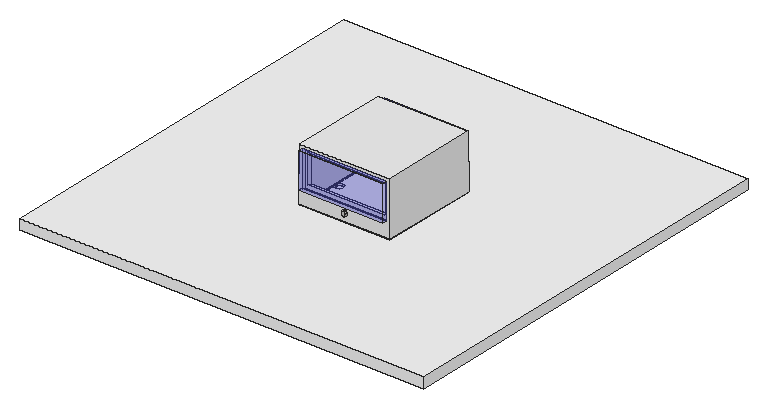
Revit family "BE_23013.1_de_DE", category Leuchten, Revit 2015
Parameters (values of type "BEGA_23013.1_K4")
  built-in parameter 1150104 = 11.724 (stored number, unit not read)
  Wattage = 4.2 W
  Default Elevation = 0 mm
  built-in parameter 1150113 = 1 (stored number, unit not read)
  built-in parameter 1114218 = 1 (stored number, unit not read)
  Umgebungstemperatur = "25 °C"
  URL = "http://www.bega.de/produkt/23013.1"
  Typenkommentare = "© 2017 BEGA. Wir behalten uns das Recht vor, technische Änderungen ohne vorherige Ankündigung vorzunehmen."  # constant formula
  built-in parameter 1150134 = 12
  built-in parameter 1150109 = 1 (stored number, unit not read)
  Strom = ""
  built-in parameter 1150110 = 1 (stored number, unit not read)
  Spannung = 239.996 V
  Sonderanfertigung = no
  Seriennummer [instance] = "Hier können Sie die eindeutige Seriennummer für das Facility Management eintragen."
  Schutzklasse = "I"
  Schutzart = "IP 20"
  Scheinlast = 0 VA
  Produktdatenblatt = "http://www.bega.de/download/Xrfa/db/23013.1.db.de.pdf"
  Oberflächentemperatur = ""
  Neigungswinkel = 0.00°
  Modell = "23013.1K4"
  Material_17 = BEGA_Reflektor
  Material_15 = BEGA_Leuchtmedium_matt
  Material_11 = BEGA_Glas_opal
  Material_09 = BEGA_Glas_klar
  Material_08 = BEGA_Oberfläche_Stahl_verzinkt
  Material_06 = BEGA_Oberfläche_Edelstahl_gebürstet
  Material_05 = BEGA_Oberfläche_Aluminium Guss
  Material_03 = BEGA_Oberfläche_Weiss_matt
  Material_02 = BEGA_Oberfläche_Silber_matt
  Material_01 [instance] = BEGA_Oberfläche_Grafit_matt
  M_W = no
  M_G = no
  M_A = no
  Logo = 0
  built-in parameter 1114217 = 1 (stored number, unit not read)
  built-in parameter 1150139 = (empty or 0)
  built-in parameter 1150105 = 42.179 (stored number, unit not read)
  built-in parameter 1150114 = 1 (stored number, unit not read)
  Lumens = 530.04 lm
  built-in parameter 1150115 = 1 (stored number, unit not read)
  Leuchtenlichtstrom = "229 lm"
  Leuchtenanzahl = ""
  Lebensdauerkriterien = "L70B50 @ 25 °C = 472000 h"
  Lastklassifizierung = Beleuchtung
  built-in parameter 1150112 = 1 (stored number, unit not read)
  Lampenlichtstrom = "530 lm"
  Lampe = "LED 4.2 W"
  LED_Modulbezeichnung = "2x LED-0234/940"
  Hersteller = "BEGA"  # constant formula
  Halbstreuwinkel = ""
  Gewicht = "0.7 kg"
  Gebrauchslageneinschränkung [instance] = ""
  Frequenz = "0/50-60 Hz"
  Farbwiedergabeindex = "Ra > 90"
  Farbtemperaturverschiebung bei Dämpfen der Lampe = <Keine Auswahl>
  Farbtemperatur = "4000 K"
  Color Filter = 16777215
  built-in parameter 1150133 = 10 (stored number, unit not read)
  Energieeffizienzklasse = "LED A++ - A"
  built-in parameter 1150137 = (empty or 0)
  built-in parameter 1150132 = (empty or 0)
  ENEC = ""
  Dimmbar [instance] = ""
  Datei für fotometrisches Netz = "BE_23013K4.IES"
  CE_Konformität = "ja"
  Bestellnummer = "23013.1K4"
  Beschreibung_Sonderanfertigung = "Hier können Sie Informationen zur Sonderanfertigung eintragen."
  Beschreibung = "Wandleuchte"
  built-in parameter 1150106 = 0.42179 (stored number, unit not read)
  Befestigungsbohrung = ""
  Befestigungsabstand = "68 mm"
  Ballwurfsicher = ""
  BEGA_Intern_aus = yes
  BEGA_Intern_an = yes
  BEGA_Intern_Konstruktion = yes
  BEGA_Intern = yes
  BEGA_IES = yes
  BEGA_Dummy = no
  Anschlussleitung = ""
  Anschlussleistung [instance] = "6 W"
  Anschlusskasten = ""
  built-in parameter 1150107 = 4000 (stored number, unit not read)
  built-in parameter 1150102 = (empty or 0)
  built-in parameter 1150138 = (empty or 0)
  Aktualisierung = "2017-06-22T04:08:41"
  Abstand_zur_angestrahlten_Fläche [instance] = ""
  AC/DC = "AC/DC"
Types (2, lengths in mm): name | built-in parameter 1150104 | built-in parameter 1150134 | Modell | built-in parameter 1150105 | Lumens | Leuchtenlichtstrom | Lampenlichtstrom | LED_Modulbezeichnung | Farbtemperatur | Datei für fotometrisches Netz | Bestellnummer | built-in parameter 1150106 | built-in parameter 1150107
  BEGA_23013.1_K3 | 11.278 (stored number, unit not read) | (empty or 0) | "23013.1" | 40.575 (stored number, unit not read) | 509.88 lm | "220 lm" | "510 lm" | "2x LED-0234/930" | "3000 K" | "BE_23013.IES" | "23013.1" | 0.40575 (stored number, unit not read) | 3000 (stored number, unit not read)
  BEGA_23013.1_K4 | 11.724 (stored number, unit not read) | 12 | "23013.1K4" | 42.179 (stored number, unit not read) | 530.04 lm | "229 lm" | "530 lm" | "2x LED-0234/940" | "4000 K" | "BE_23013K4.IES" | "23013.1K4" | 0.42179 (stored number, unit not read) | 4000 (stored number, unit not read)
Reference planes
  plane 1 "Mitte (Vorne/Hinten)": y = 0
  plane 2: z = 0
  plane 3 "Mitte (Links/Rechts)": x = 0
  plane 4 "Links": x = -45
  plane 5 "Rechts": x = 45
  plane 6 "Unten": y = -53.25
  plane 7 "Oben": y = 53.25
  plane 8 "Vorne": z = 54
  plane 9 "Hinten": z = 1
Forms (mm)
  Extrusion 1, solid, material "BEGA_Platte_Weiss"
    sketch origin (0, -1119.2, 0) x (1, 0, 0) y (0, 1, 0)
      loop
        line (-200, 1319.2) -> (-200, 919.2) -> (200, 919.2) -> (200, 1319.2) -> (-200, 1319.2)
    from 0 to -10
  Extrusion 2, solid, material "BEGA_Dummy_matt", visible <- "BEGA_Dummy"
    sketch origin (80.095, -76.023, 0) x (1, 0, 0) y (0, 1, 0)
      loop
        line (-125.095, 129.273) -> (-125.095, 22.773) -> (-35.095, 22.773) -> (-35.095, 129.273) -> (-125.095, 129.273)
    from 0 to 54
Dimensions and locks
  plane 1 "Mitte (Vorne/Hinten)" to Extrusion 1 = 200 mm
  aligned and locked: plane 2 to Extrusion 1
  aligned and locked: level to Extrusion 1
Nested families
  nested 1: "BE_23013.1" at (0, 0, 0), type "BE_23013.1"
Connectors
  electrical at (0, 0, 0), driven by "Lastklassifizierung", driven by "Spannung", driven by "Scheinlast"
    settings: index 1, voltage 239.996 V, apparent load 0 VA, apparent load phase1 0 VA, apparent load phase2 0 VA, apparent load phase3 0 VA, power factor 1, load classification "Beleuchtung", number of poles 1, system type 31, power factor state 1, is connector primary yes, connector utility no, sub classification motor no, connector description ""
Definition of nested family "BE_23013.1"
  Parameters (values of type "BE_23013.1")
    Default Elevation = 1 mm
    URL = "http://www.bega.de/de/produkt"
    Type Comments = "© 2015 BEGA. Wir behalten uns das Recht vor, technische Änderungen ohne vorherige Ankündigung vorzunehmen. "  # constant formula
    Type Image = (empty or 0)
    Neigungswinkel_um_Z2 = 0.00°
    Neigungswinkel_um_Z1 = 0.00°
    Neigungswinkel_um_Y2 = 0.00°
    Neigungswinkel_um_Y1 = 0.00°
    Neigungswinkel_um_X2 = 0.00°
    Neigungswinkel_um_X1 = 0.00°
    Material_17 = none
    Material_15 = none
    Material_11 = none
    Material_09 = none
    Material_08 = none
    Material_06 = none
    Material_05 = none
    Material_03 = none
    Material_02 = none
    Material_01 = none
    M_W = yes
    M_G = yes
    M_A = yes
    Länge_Platte = 200 mm  # constant formula
    Höhe_Platte = -10 mm  # constant formula
    Manufacturer = "BEGA"  # constant formula
    Drehwinkel_um_Z2 = 0.00°
    Drehwinkel_um_Z1 = 0.00°
    Breite_Platte = 200 mm  # constant formula
  Reference planes
    plane 1 "Mitte (Oben/Unten)": y = 0
    plane 2: z = 0
    plane 3 "Mitte (Links/Rechts)": x = 0
    plane 4: x = -45
    plane 5: z = 54
    plane 6: x = 45
    plane 7: y = 53.25
    plane 8: y = -53.25
  Forms (mm)
    Extrusion 1, solid, detail levels medium
      sketch origin (0, 0, 0) x (1, 0, 0) y (0, 1, 0)
        loop
          line (-100, 100) -> (-100, -100) -> (100, -100) -> (100, 100) -> (-100, 100)
      from 0 to -10 <- "Höhe_Platte"
    Extrusion 2, solid, material <- "Material_03", detail levels medium+fine
      sketch origin (0, 0, 0) x (0, 1, 0) y (0, 0, 1)
        loop
          line (48.25, 1) -> (48.25, 54) -> (-48.25, 54) -> (-48.25, 1) -> (-45.835, 1) -> (-45.835, 52) -> (45.835, 52) -> (45.835, 1) -> (48.25, 1)
      from -46.014 to 46.014
    Extrusion 3, solid, material <- "Material_03", detail levels medium+fine
      sketch origin (0, 0, 0) x (1, 0, 0) y (0, 0, 1)
        loop
          line (-46.014, 54) -> (-46.014, 1) -> (-43.5, 1) -> (-43.5, 54) -> (-46.014, 54)
        loop
          line (46.014, 54) -> (43.5, 54) -> (43.5, 1) -> (46.014, 1) -> (46.014, 54)
      from -48.25 to 48.25
    Extrusion 4, void
      sketch origin (0, 0, 0) x (1, 0, 0) y (0, 0, 1)
        loop
          line (-45.008, 0.549) -> (-44.065, 54.543) -> (-46.84, 54.543) -> (-46.84, 0.549) -> (-45.008, 0.549)
        loop
          line (45.008, 0.549) -> (46.84, 0.549) -> (46.84, 54.543) -> (44.065, 54.543) -> (45.008, 0.549)
      from -49.824 to 51.45
    Sweep 5, solid, material <- "Material_03", detail levels medium+fine
      path origin (0, 0, 0) x (1, 0, 0) y (0, 1, 0)
        loop
          line (45, 48.25) -> (-45, 48.25) -> (-45, -48.25) -> (45, -48.25) -> (45, 48.25)
      profile origin (0, 48.25, 0) x (0, -1, 0) y (0, 0, 1)
        loop
          line (0.5, 0) -> (4.017, 0)
          arc (4.017, 0) -> (5.077, 0.439) -> (5.517, 1.5) r 1.5
          line (5.517, 1.5) -> (5.517, 2.5)
          arc (5.517, 2.5) -> (5.663, 2.854) -> (6.017, 3) r 0.5
          line (6.017, 3) -> (42.243, 3) -> (42.243, 4) -> (6.017, 4)
          arc (6.017, 4) -> (4.956, 3.561) -> (4.517, 2.5) r 1.5
          line (4.517, 2.5) -> (4.517, 1.5)
          arc (4.517, 1.5) -> (4.37, 1.146) -> (4.017, 1) r 0.5
          line (4.017, 1) -> (0.5, 1) -> (0.5, 0)
    Extrusion 6, solid, material <- "Material_03", detail levels medium+fine
      sketch origin (0, 0, 0) x (0, 1, 0) y (0, 0, 1)
        loop
          line (6.007, 4) -> (-6.007, 4) -> (-6.007, 3) -> (6.007, 3) -> (6.007, 4)
      from -2.757 to 2.757
    Extrusion 7, void
      sketch origin (0, 0, 0) x (1, 0, 0) y (0, 1, 0)
        loop
          circle (10, 17) r 8.5
        loop
          circle (-34, -12) r 4.25
        loop
          circle (34, -12) r 4.25
      from 0 to 8
    Extrusion 8, solid, material <- "Material_03", detail levels medium+fine
      sketch origin (0, 0, 0) x (0, 1, 0) y (0, 0, 1)
        loop
          line (45.835, 52) -> (42.76, 52) -> (42.76, 13.991) -> (45.835, 13.991) -> (45.835, 52)
        loop
          line (-45.835, 52) -> (-45.835, 13.991) -> (-42.76, 13.991) -> (-42.76, 52) -> (-45.835, 52)
      from -43.09 to 43.5
    Extrusion 9, void
      sketch origin (0, 0, 0) x (0, 1, 0) y (0, 0, 1)
        loop
          line (49.5, 48.03) -> (-49.715, 48.03) -> (-49.715, 18.623) -> (49.5, 18.623) -> (49.5, 48.03)
      from -38.275 to 38.275
    Extrusion 10, void
      sketch origin (0, 0, 0) x (0, 1, 0) y (0, 0, 1)
        loop
          line (45.835, 51.347) -> (45.835, 15.347) -> (49.744, 15.347) -> (49.744, 51.347) -> (45.835, 51.347)
        loop
          line (-45.835, 51.347) -> (-49.744, 51.347) -> (-49.744, 15.347) -> (-45.835, 15.347) -> (-45.835, 51.347)
      from -41.566 to 41.769
    Extrusion 11, solid, material <- "Material_11", detail levels medium+fine
      sketch origin (0, 0, 0) x (0, 1, 0) y (0, 0, 1)
        loop
          line (53.25, 15.347) -> (53.25, 51.347) -> (45.25, 51.347) -> (45.25, 15.347) -> (53.25, 15.347)
      from -41.566 to 41.769
    Extrusion 12, solid, material <- "Material_11", detail levels medium+fine
      sketch origin (0, 0, 0) x (0, -1, 0) y (0, 0, -1)
        loop
          line (53.25, -15.347) -> (45.25, -15.347) -> (45.25, -51.347) -> (53.25, -51.347) -> (53.25, -15.347)
      from -41.566 to 41.769
    Revolve 13, void
      sketch origin (0, 0, 0) x (0, 1, 0) y (0, 0, 1)
        loop
          line (-46.138, 10.5) -> (-47.677, 10.5) -> (-48.584, 11.407) -> (-48.584, 8) -> (-46.138, 8) -> (-46.138, 10.5)
        axis (-46.138, 8) -> (-48.584, 8)
      angle from 0 to 360
    Revolve 14, solid, material <- "Material_06", detail levels fine
      sketch origin (0, 0, 0) x (0, 1, 0) y (0, 0, 1)
        loop
          line (-49.45, 10) -> (-49.45, 8) -> (-46.138, 8) -> (-46.138, 10.5) -> (-47.633, 10.5) -> (-48.25, 10) -> (-49.45, 10)
        axis (-46.138, 8) -> (-49.45, 8)
      angle from 0 to 360
  Cuts and joins
    Extrusion 4, Extrusion 9, Extrusion 10, Revolve 13 cuts Extrusion 2
    Extrusion 4, Extrusion 9, Extrusion 10, Revolve 13 cuts Extrusion 3
    Extrusion 9, Extrusion 10, Revolve 13 cuts Extrusion 8
    joined: Extrusion 2, Extrusion 3, Extrusion 8
    Extrusion 7 cuts Sweep 5
    Extrusion 7 cuts Extrusion 6
    joined: Sweep 5, Extrusion 6
  Dimensions and locks
    equal spacing: Extrusion 1 sketch curve, plane 3 "Mitte (Links/Rechts)", Extrusion 1 sketch curve
    equal spacing: Extrusion 1 sketch curve, plane 1 "Mitte (Oben/Unten)", Extrusion 1 sketch curve
    "Länge_Platte": Extrusion 1 sketch curve to Extrusion 1 sketch curve
    "Breite_Platte": Extrusion 1 sketch curve to Extrusion 1 sketch curve
    aligned and locked: Extrusion 1 to plane 2
    aligned and locked: level to Extrusion 1
  Automatic sketch dimensions
    level to Extrusion 2 sketch curve = 1 mm  (x2)
    plane 1 "Mitte (Oben/Unten)" to Extrusion 2 sketch curve = 48.25 mm
    Extrusion 2 sketch curve to Extrusion 2 sketch curve = 2.415 mm  (x2)
    Extrusion 2 sketch curve to plane 1 "Mitte (Oben/Unten)" = 45.835 mm
    Extrusion 2 sketch curve to Extrusion 2 sketch curve = 51 mm
    Extrusion 2 sketch curve to Extrusion 2 sketch curve = 2 mm
    level to Extrusion 3 sketch curve = 1 mm  (x2)
    Extrusion 3 sketch curve to plane 3 "Mitte (Links/Rechts)" = 46.014 mm
    Extrusion 3 sketch curve to Extrusion 3 sketch curve = 2.514 mm  (x2)
    plane 3 "Mitte (Links/Rechts)" to Extrusion 3 sketch curve = 43.5 mm
    Extrusion 3 sketch curve to Extrusion 3 sketch curve = 53 mm  (x2)
    Extrusion 4 sketch curve to plane 3 "Mitte (Links/Rechts)" = 46.84 mm
    level to Extrusion 4 sketch curve = 0.549 mm  (x2)
    Extrusion 4 sketch curve to Extrusion 4 sketch curve = 1.832 mm  (x2)
    Extrusion 4 sketch curve to Extrusion 4 sketch curve = 2.775 mm
    plane 3 "Mitte (Links/Rechts)" to Extrusion 4 sketch curve = 44.065 mm
    plane 3 "Mitte (Links/Rechts)" to Extrusion 4 sketch curve = 45.008 mm
    Extrusion 4 sketch curve to Extrusion 4 sketch curve = 53.994 mm  (x2)
    Sweep 5 sketch curve to plane 3 "Mitte (Links/Rechts)" = 45 mm
    plane 3 "Mitte (Links/Rechts)" to Sweep 5 sketch curve = 45 mm
    plane 1 "Mitte (Oben/Unten)" to Sweep 5 sketch curve = 48.25 mm
    Sweep 5 sketch curve to plane 1 "Mitte (Oben/Unten)" = 48.25 mm
    Sweep 5 sketch curve to Sweep 5 sketch curve = 0 mm  (x4)
    Sweep 5 sketch curve to level = 0 mm
    Sweep 5 sketch curve to profile plane = 0.5 mm
    level to Sweep 5 sketch curve = 1 mm
    Sweep 5 sketch curve to Sweep 5 sketch curve = 3.517 mm
    Sweep 5 sketch curve to Sweep 5 sketch curve = 0.5 mm  (x2)
    level to Sweep 5 sketch curve = 4 mm
    Sweep 5 sketch curve to Sweep 5 sketch curve = 36.226 mm
    plane 1 "Mitte (Oben/Unten)" to Extrusion 6 sketch curve = 6.007 mm
    level to Extrusion 6 sketch curve = 3 mm
    Extrusion 6 sketch curve to plane 1 "Mitte (Oben/Unten)" = 6.007 mm
    Extrusion 6 sketch curve to Extrusion 6 sketch curve = 1 mm
    plane 1 "Mitte (Oben/Unten)" to Extrusion 7 sketch curve = 12 mm  (x2)
    Extrusion 7 sketch curve to plane 3 "Mitte (Links/Rechts)" = 34 mm
    plane 3 "Mitte (Links/Rechts)" to Extrusion 7 sketch curve = 10 mm
    plane 3 "Mitte (Links/Rechts)" to Extrusion 7 sketch curve = 34 mm
    Extrusion 7 sketch curve to plane 1 "Mitte (Oben/Unten)" = 17 mm
    level to Extrusion 8 sketch curve = 13.991 mm  (x2)
    plane 1 "Mitte (Oben/Unten)" to Extrusion 8 sketch curve = 45.835 mm
    Extrusion 8 sketch curve to Extrusion 8 sketch curve = 3.075 mm  (x2)
    Extrusion 8 sketch curve to plane 1 "Mitte (Oben/Unten)" = 42.76 mm
    Extrusion 8 sketch curve to Extrusion 8 sketch curve = 38.009 mm  (x2)
    plane 1 "Mitte (Oben/Unten)" to Extrusion 9 sketch curve = 49.715 mm
    level to Extrusion 9 sketch curve = 18.623 mm
    Extrusion 9 sketch curve to plane 1 "Mitte (Oben/Unten)" = 49.5 mm
    Extrusion 9 sketch curve to Extrusion 9 sketch curve = 29.407 mm
    plane 1 "Mitte (Oben/Unten)" to Extrusion 10 sketch curve = 49.744 mm
    Extrusion 10 sketch curve to Extrusion 10 sketch curve = 3.91 mm  (x2)
    level to Extrusion 10 sketch curve = 15.347 mm  (x2)
    Extrusion 10 sketch curve to plane 1 "Mitte (Oben/Unten)" = 45.835 mm
    Extrusion 10 sketch curve to Extrusion 10 sketch curve = 36 mm  (x2)
    level to Extrusion 11 sketch curve = 15.347 mm
    Extrusion 11 sketch curve to plane 1 "Mitte (Oben/Unten)" = 45.25 mm
    Extrusion 11 sketch curve to Extrusion 11 sketch curve = 8 mm
    Extrusion 11 sketch curve to Extrusion 11 sketch curve = 36 mm
    Extrusion 12 sketch curve to level = 15.347 mm
    Extrusion 12 sketch curve to plane 1 "Mitte (Oben/Unten)" = 45.25 mm
    Extrusion 12 sketch curve to Extrusion 12 sketch curve = 8 mm
    Extrusion 12 sketch curve to Extrusion 12 sketch curve = 36 mm
    level to Revolve 14 sketch curve = 10 mm
    plane 1 "Mitte (Oben/Unten)" to Revolve 14 sketch curve = 49.45 mm
    Revolve 14 sketch curve to Revolve 14 sketch curve = 1.2 mm
    level to Revolve 14 sketch curve = 10.5 mm
    Revolve 14 sketch curve to Revolve 14 sketch curve = 0.617 mm
    Revolve 14 sketch curve to Revolve 14 sketch curve = 1.494 mm
    Revolve 14 sketch curve to Revolve 14 sketch curve = 2.5 mm
    Revolve 14 sketch curve to Revolve 14 sketch curve = 0 mm  (x3)
    level to Revolve 13 sketch curve = 8 mm
    plane 1 "Mitte (Oben/Unten)" to Revolve 13 sketch curve = 48.584 mm
    Revolve 13 sketch curve to Revolve 13 sketch curve = 0.907 mm  (x2)
    Revolve 13 sketch curve to Revolve 13 sketch curve = 2.445 mm
    Revolve 13 sketch curve to Revolve 13 sketch curve = 2.5 mm
    Revolve 13 sketch curve to Revolve 13 sketch curve = 0 mm  (x3)
    radius of Extrusion 7 sketch curve = 8.5 mm
    radius of Extrusion 7 sketch curve = 4.25 mm  (x2)
